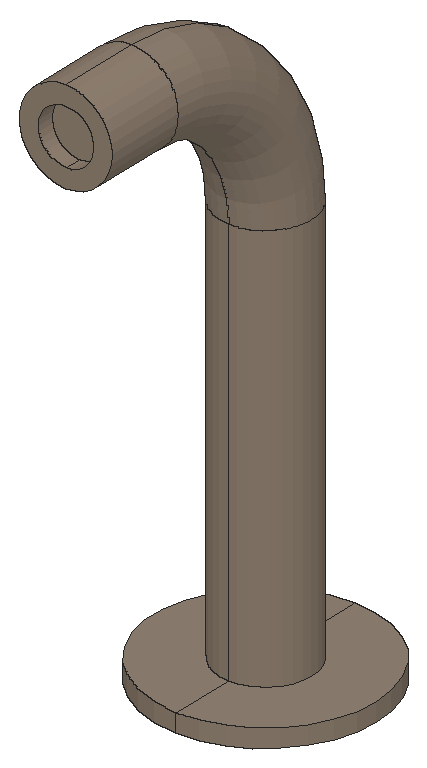
Revit family "Reece_Tap_Milli_Pure_Bath Outlet_Wall Mount_160 mm", category Plumbing Fixtures, host Face, Revit 2018
Family settings
  Host = Face
  Round Connector Dimension = Use Diameter
  Part Type = Normal
  Cut with Voids When Loaded = No
  Shared = Yes
  Room Calculation Point = Yes
Parameters (values of type "PVD Brushed Bronze")
  URL = "https://www.reece.com.au/product/-9511093"
  Type Comments = "Tap"
  Reece_Product_Mount = "Wall Mounted"
  Reece_Product_Description = "Milli Pure Wall Bath Outlet 160mm PVD Brushed Bronze"
  Reece_Product_Number = "9511093"
  Reece_Product_Sub Brand = "Pure"  # constant formula
  Reece_Product_Brand = "Milli"  # constant formula
  Reece_Product_Web Page = "https://www.reece.com.au/product/-9511093"
  Reece_Product_Type = "Tap"  # constant formula
  WFU = 0  # constant formula
  Reece_Tap_Reach = 160 mm  # constant formula
  Reece_Tap_Inlet = 15 mm  # constant formula
  Reece_Stand_Baseplate_Radius = 30 mm  # constant formula
  Reece_Overall_Length = 172.5 mm  # constant formula
  Reece_Material-Main = Reece_PVD_Brushed Bronze
  Reece_Detail_Shape = ""
  Reece_Detail_Installation = ""
  Reece_Detail_Disclaimer = "THIS FILE IS THE PROPERTY OF THE REECE GROUP. IT MAY NOT BE REPRODUCED, REVERSE-ENGINEERED OR MODIFIED. ANY REPUBLICATION, TRANSMISSION OR DISTRIBUTION FOR THE PURPOSE OF COMMERCIALLY EXPLOITING THE FILES IS PROHIBITED."  # constant formula
  Reece_Detail_Connector = ""
  Reece_Detail_Additional = ""
  Reece_Baseplate_Void Cut Radius = 20 mm  # constant formula
  Model = "Pure"
  Manufacturer = "Milli"
  Keynote = "Product #9511093, Reece_Tap_Milli_Pure_Bath Outlet_Wall Mount_160 mm - PVD Brushed Bronze"
  HWFU = 0  # constant formula
  Disclaimer = "THIS FILE IS THE PROPERTY OF THE REECE GROUP. IT MAY NOT BE REPRODUCED, REVERSE-ENGINEERED OR MODIFIED. ANY REPUBLICATION, TRANSMISSION OR DISTRIBUTION FOR THE PURPOSE OF COMMERCIALLY EXPLOITING THE FILES IS PROHIBITED."  # constant formula
  Description = "Milli Pure Wall Bath Outlet 160mm PVD Brushed Bronze"
  Default Elevation = 1000 mm
  CWFU = 0  # constant formula
Types (7, lengths in mm): name | URL | Reece_Product_Description | Reece_Product_Number | Reece_Product_Web Page | Reece_Material-Main | Keynote | Description
  (no name) | "https://www.reece.com.au/product/-2299274" | "Milli Pure Wall Bath Outlet 160mm Brushed Nickel" | "2299274" | "https://www.reece.com.au/product/-2299274" | Reece_Brass_Brushed Nickel | "Product #2299274, Reece_Tap_Milli_Pure_Bath Outlet_Wall Mount_160 mm -  " | "Milli Pure Wall Bath Outlet 160mm Brushed Nickel"
  Chrome | "https://www.reece.com.au/product/-2263287" | "Milli Pure Wall Bath Outlet 160mm Chrome" | "2263287" | "https://www.reece.com.au/product/-2263287" | Reece_Brass_Chrome | "Product #2263287, Reece_Tap_Milli_Pure_Bath Outlet_Wall Mount_160 mm - Chrome" | "Milli Pure Wall Bath Outlet 160mm Chrome"
  Matte Black | "https://www.reece.com.au/product/-2281230" | "Milli Pure Wall Bath Outlet 160mm Matte Black" | "2281230" | "https://www.reece.com.au/product/-2281230" | Reece_Brass_Matte Black | "Product #2281230, Reece_Tap_Milli_Pure_Bath Outlet_Wall Mount_160 mm - Matte Black" | "Milli Pure Wall Bath Outlet 160mm Matte Black"
  Brushed Gunmetal | "https://www.reece.com.au/product/-2281308" | "Milli Pure Wall Bath Outlet 160mm Brushed Gunmetal" | "2281308" | "https://www.reece.com.au/product/-2281308" | Reece_Brass_Brushed Gunmetal | "Product #2281308, Reece_Tap_Milli_Pure_Bath Outlet_Wall Mount_160 mm - Brushed Gunmetal" | "Milli Pure Wall Bath Outlet 160mm Brushed Gunmetal"
  Brushed Nickel | "https://www.reece.com.au/product/-2299274" | "Milli Pure Wall Bath Outlet 160mm Brushed Nickel" | "2299274" | "https://www.reece.com.au/product/-2299274" | Reece_Brass_Brushed Nickel | "Product #2299274, Reece_Tap_Milli_Pure_Bath Outlet_Wall Mount_160 mm - Brushed Nickel" | "Milli Pure Wall Bath Outlet 160mm Brushed Nickel"
  PVD Brushed Bronze | "https://www.reece.com.au/product/-9511093" | "Milli Pure Wall Bath Outlet 160mm PVD Brushed Bronze" | "9511093" | "https://www.reece.com.au/product/-9511093" | Reece_PVD_Brushed Bronze | "Product #9511093, Reece_Tap_Milli_Pure_Bath Outlet_Wall Mount_160 mm - PVD Brushed Bronze" | "Milli Pure Wall Bath Outlet 160mm PVD Brushed Bronze"
  PVD Brushed Gold | "https://www.reece.com.au/product/-9510908" | "Milli Pure Wall Bath Outlet 160mm PVD Brushed Gold" | "9510908" | "https://www.reece.com.au/product/-9510908" | Reece_PVD_Brushed Gold | "Product #9510908, Reece_Tap_Milli_Pure_Bath Outlet_Wall Mount_160 mm - PVD Brushed Gold" | "Milli Pure Wall Bath Outlet 160mm PVD Brushed Gold"
Reference planes
  plane 1 "Center (Front/Back)": y = 0
  plane 2: z = 0
  plane 3 "Center (Left/Right)": x = 0
  plane 4: z = 160
  plane 5: y = -67
  plane 6: z = 172.5
Forms (mm)
  Revolve 1, solid, material "Reece_PVD_Brushed Bronze" <- "Reece_Material-Main"
    sketch origin (0, 0, 23) x (0, 1, 0) y (0, 0, 1)
      loop
        line (10, -17.988) -> (10, -19.988) -> (27.956, -19.988) -> (27.956, -23) -> (30, -23) -> (30, -17.988) -> (10, -17.988)
      axis (0, -17.988) -> (0, -23)
    angle from 0 to 360
  Sweep 2, solid, material "Reece_PVD_Brushed Bronze" <- "Reece_Material-Main"
    path origin (0, 0, 0) x (0, 1, 0) y (0, 0, 1)
      loop
        line (0, 5.012) -> (0, 115)
        arc (0, 115) -> (-13.18, 146.82) -> (-45, 160) r 45
        line (-45, 160) -> (-67, 160)
    profile origin (0, 0, 60.006) x (0, -1, 0) y (1, 0, 0)
      loop
        circle (0, 0) r 12.5
      loop
        circle (0, 0) r 7.5
  Extrusion 3, solid, material "Reece_PVD_Brushed Bronze" <- "Reece_Material-Main"
    sketch origin (0, -68.351, 160) x (1, 0, 0) y (0, 0, 1)
      loop
        circle (0, 0) r 7.5
    from -10 to -5.89
  Revolve 4, void
    sketch origin (0, 0, 39.453) x (0, 1, 0) y (0, 0, 1)
      loop
        line (-20, -39.453) -> (-20, -79.453) -> (0, -79.453) -> (0, -39.453) -> (-20, -39.453)
      axis (0, -39.453) -> (0, -79.453)
    angle from 0 to 360
Cuts and joins
  Revolve 4 cuts Revolve 1
  Revolve 4 cuts Sweep 2
  joined: Revolve 1, Sweep 2, Extrusion 3
Text (mm)
  text "Reece Copyright © 2018, Reece Ltd." at (-1164.308, -468.56, 0), in view "Ref. Level"
  text "Reece ©" at (-7.653, 198.338, 183.77), in view "Reece Preview"
Dimensions and locks
  "Reece_Stand_Baseplate_Radius": Revolve 1 sketch curve to Revolve 1 sketch curve
  "Reece_Tap_Reach": plane 4 to host face
  "Reece_Baseplate_Void Cut Radius": Revolve 4 sketch curve to Revolve 4 sketch curve
  plane 5 to plane 1 "Center (Front/Back)" = 67 mm
  "Reece_Overall_Length": plane 6 to plane 2
  aligned and locked: host face to plane 2
  aligned and locked: level to host face
  aligned and locked: Revolve 4 sketch curve to Revolve 4 sketch curve
Automatic sketch dimensions
  host sketch curve to host sketch curve = 481.758 mm
  host sketch curve to host sketch curve = 479.681 mm
  Sweep 2 sketch curve to plane 3 "Center (Left/Right)" = 0 mm
  Sweep 2 sketch curve to profile plane = 0 mm
  Sweep 2 sketch curve to Sweep 2 sketch curve = 0 mm  (x2)
  Sweep 2 sketch curve to plane 4 = 0 mm
  Sweep 2 sketch curve to plane 5 = 0 mm
  Sweep 2 sketch curve to plane 1 "Center (Front/Back)" = 0 mm
  plane 5 to Sweep 2 sketch curve = 22 mm
  level to Sweep 2 sketch curve = 5.012 mm
  Extrusion 3 sketch curve to Extrusion 3 sketch curve = 0 mm  (x2)
  Extrusion 3 sketch curve to plane 3 "Center (Left/Right)" = 0 mm
  Extrusion 3 sketch curve to plane 4 = 0 mm
  Extrusion 3 sketch curve to plane 4 = 7.5 mm
  Revolve 1 sketch curve to plane 1 "Center (Front/Back)" = 0 mm
  Revolve 1 sketch curve to level = 0 mm
  Revolve 1 sketch curve to plane 1 "Center (Front/Back)" = 10 mm
  Revolve 1 sketch curve to Revolve 1 sketch curve = 2.044 mm
  level to Revolve 1 sketch curve = 3.012 mm
  Revolve 1 sketch curve to Revolve 1 sketch curve = 2 mm
  Revolve 1 sketch curve to level = 317.81 mm
  plane 6 to Revolve 1 sketch curve = 484.332 mm
  Revolve 4 sketch curve to level = 0 mm
  Revolve 4 sketch curve to plane 1 "Center (Front/Back)" = 0 mm
  Revolve 4 sketch curve to Revolve 4 sketch curve = 40 mm
  Revolve 4 sketch curve to Revolve 4 sketch curve = 261.356 mm
  plane 6 to Revolve 4 sketch curve = 1901.207 mm
  radius of Sweep 2 sketch curve = 12.5 mm
  radius of Sweep 2 sketch curve = 7.5 mm
Connectors
  piping at (0, 0, 0), diameter 15, driven by "Reece_Tap_Inlet"
    settings: on host face, index 1, connector inside diameter 609.6 mm, connector length 0 mm, flow factor 0, pipe flow 0.0 L/s, pressure drop 0.0 Pa, fitting loss kfactor 0, connector angle 0.00°, fixture units 0, engagement length 0 mm, angle of deflection 0.00°, flow configuration 0, flow direction 1, fitting loss method 0, system type 29, joint type 0, gender type 0, connector reference index -1, connector utility 0, adjustable connector no, is connector primary yes, connector description ""
